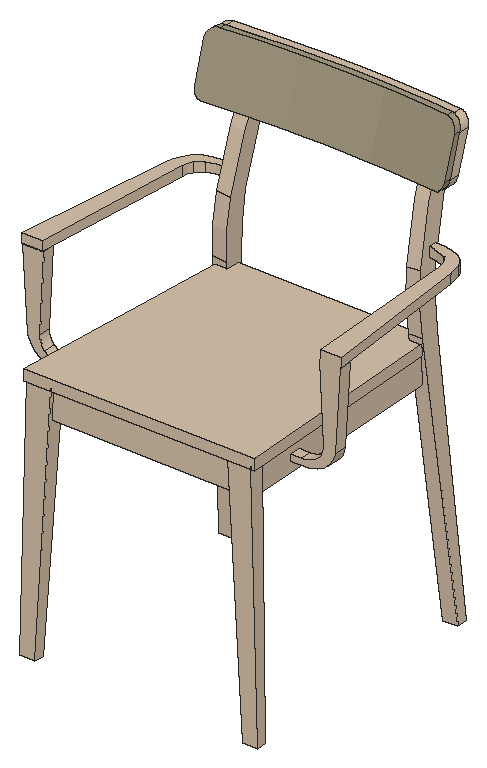
Revit family "FU_Chair_Sandler_Inga 2-4", category Furniture, Revit 2020
Family settings
  OmniClass Number = 23.40.20.00
  OmniClass Title = General Furniture and Specialties
  Work Plane-Based = No
  Always vertical = Yes
  Cut with Voids When Loaded = No
  Shared = No
  Room Calculation Point = No
Parameters (values of type "Inga 2.4")
  Width = 465 mm
  URL = "https://www.sandlerseating.com/product/inga-2-4/"
  Model = "Inga 2.4"
  Manufacturer = "Sandler"
  Height = 850 mm
  Frame [instance] = Wood - Stain - Natural Oak
  Description = "Stackable armchair with an wooden seat and upholstered back on a solid beech frame."
  Depth = 505 mm
  Default Elevation = 0 mm
  Back [instance] = Fabric - Mainline Flax - Kensington MLF07
Reference planes
  plane 1 "Center (Front/Back)": y = 0
  plane 2: z = 0
  plane 3 "Center (Left/Right)": x = 0
  plane 4 "Right": x = -232.5
  plane 5 "Left": x = 232.5
  plane 6 "Back": y = 252.5
  plane 7 "Front": y = -252.5
  plane 8 "Height": z = 850
  plane 9 "Seat height": z = 480
  plane 10 "BR L Angle Front": through (-170.406, -1524, 798.107) normal (0.9986, 0, -0.0525)
  plane 11 "Frame Height": z = 464.829
  plane 12: x = -297.5
  plane 13: x = 297.5
  plane 14 "Arm Height": z = 634.249
  plane 15 "arm front": y = -152.936
Forms (mm)
  Extrusion 1, solid, material "Wood - Stain - Natural Oak" <- "Frame"
    sketch origin (-211.773, 0, 11.254) x (0.052501, 0, 0.998621) y (0, -1, 0)
      loop
        line (-11.17, -211.485) -> (-11.17, -231.113) -> (480.792, -196.712)
        arc (480.792, -196.712) -> (535.769, -194.943) -> (590.586, -199.497) r 478.313
        arc (590.586, -199.497) -> (681.592, -217.224) -> (770.268, -244.297) r 892.578
        arc (770.268, -244.297) -> (782.45, -242.471) -> (787.563, -231.264) r 12.917
        arc (787.563, -231.264) -> (691.299, -191.886) -> (590.509, -166.224) r 748.904
        arc (590.509, -166.224) -> (535.595, -160.79) -> (480.526, -164.305) r 340.245
        line (480.526, -164.305) -> (-11.17, -211.485)
    from -9.615 to 16.927
  Extrusion 2, solid, material "Wood - Stain - Natural Oak" <- "Frame"
    sketch origin (211.773, 0, 11.254) x (-0.052501, 0, 0.998621) y (0, 1, 0)
      loop
        line (-11.17, 211.485) -> (480.526, 164.305)
        arc (480.526, 164.305) -> (535.595, 160.79) -> (590.509, 166.224) r 340.245
        arc (590.509, 166.224) -> (691.299, 191.886) -> (787.563, 231.264) r 748.904
        arc (787.563, 231.264) -> (782.45, 242.471) -> (770.268, 244.297) r 12.917
        arc (770.268, 244.297) -> (681.592, 217.224) -> (590.586, 199.497) r 892.578
        arc (590.586, 199.497) -> (535.769, 194.943) -> (480.792, 196.712) r 478.313
        line (480.792, 196.712) -> (-11.17, 231.113) -> (-11.17, 211.485)
    from -9.615 to 16.927
  Blend 3, solid, material "Wood - Stain - Natural Oak" <- "Frame"
    base sketch origin (0, 0, 0) x (1, 0, 0) y (0, 1, 0)
      loop
        line (-222.143, -252.5) -> (-194.143, -252.5) -> (-192.581, -235) -> (-220.581, -235) -> (-222.143, -252.5)
    top sketch origin (0, 0, 0) x (1, 0, 0) y (0, 1, 0)
      loop
        line (-208.793, -252.5) -> (-165.202, -252.5) -> (-163.672, -225.762) -> (-207.263, -225.762) -> (-208.793, -252.5)
    from 0 to 464.829
  Blend 4, solid, material "Wood - Stain - Natural Oak" <- "Frame"
    base sketch origin (0, 0, 0) x (-1, 0, 0) y (0, -1, 0)
      loop
        line (-222.143, 252.5) -> (-220.581, 235) -> (-192.581, 235) -> (-194.143, 252.5) -> (-222.143, 252.5)
    top sketch origin (0, 0, 0) x (-1, 0, 0) y (0, -1, 0)
      loop
        line (-208.793, 252.5) -> (-207.263, 225.762) -> (-163.672, 225.762) -> (-165.202, 252.5) -> (-208.793, 252.5)
    from 0 to 464.829
  Extrusion 5, solid, material "Wood - Stain - Natural Oak" <- "Frame"
    sketch origin (0, 0, 464.829) x (-1, 0, 0) y (0, -1, 0)
      loop
        line (205.371, 246.484) -> (-205.371, 246.484) -> (-187.14, -189.895) -> (187.14, -189.895) -> (205.371, 246.484)
      loop
        line (-187.207, 232.22) -> (-170.168, -175.631) -> (170.168, -175.631) -> (187.207, 232.22) -> (-187.207, 232.22)
    from -56.316 to 0
  Sweep 6, solid, material "Wood - Stain - Natural Oak" <- "Frame"
    path origin (0, 0, 0) x (0, 1, 0) y (0, 0, 1)
      loop
        line (215.898, 721.402) -> (256.979, 850)
    profile "Pro_Inga_Back : Pro_Inga_Back" origin (0, 236.438, 785.701) x (0, -0.952575, 0.304305) y (1, 0, 0)
      loop
        arc (30.116, 241.175) -> (0, -0.038) -> (30.717, -241.175) r 971.366
        line (30.717, -241.175) -> (45.91, -241.175)
        arc (45.91, -241.175) -> (14.46, 0.005) -> (45.984, 241.175) r 939.367
        line (45.984, 241.175) -> (30.116, 241.175)
  Extrusion 7, void
    sketch origin (0, 0, 0) x (1, 0, 0) y (0, 0, 1)
      loop
        arc (210.726, 850.67) -> (-0.03, 841.01) -> (-210.837, 849.498) r 2452.694
        arc (-210.837, 849.498) -> (-226.041, 844.286) -> (-232.5, 829.568) r 20
        line (-232.5, 829.568) -> (-232.5, 759.709)
        arc (-232.5, 759.709) -> (-227.228, 746.178) -> (-214.191, 739.78) r 20
        arc (-214.191, 739.78) -> (0.083, 731.011) -> (214.303, 740.992) r 2452.694
        arc (214.303, 740.992) -> (227.266, 747.421) -> (232.5, 760.91) r 20
        line (232.5, 760.91) -> (232.5, 830.749)
        arc (232.5, 830.749) -> (226, 845.505) -> (210.726, 850.67) r 20
      loop
        line (-261.767, 883.137) -> (-261.767, 708.137) -> (258.233, 708.137) -> (258.233, 883.137) -> (-261.767, 883.137)
    from -262.214 to -161.753
  Extrusion 8, solid, material "Wood - Stain - Natural Oak" <- "Frame"
    sketch origin (0, 0, 634.249) x (-1, 0, 0) y (0, -1, 0)
      loop
        line (-258.681, 152.936) -> (-297.5, 152.936) -> (-265.625, -141.257)
        arc (-265.625, -141.257) -> (-263.246, -154.622) -> (-259.071, -167.539) r 99.55
        arc (-259.071, -167.539) -> (-250.025, -181.605) -> (-236.394, -191.295) r 44.127
        arc (-236.394, -191.295) -> (-213.584, -198.742) -> (-189.69, -200.946) r 107.561
        line (-189.69, -200.946) -> (-189.69, -185.85)
        arc (-189.69, -185.85) -> (-206.459, -183.339) -> (-222.442, -177.679) r 88.584
        arc (-222.442, -177.679) -> (-229.589, -172.891) -> (-234.947, -166.161) r 28.023
        arc (-234.947, -166.161) -> (-238.414, -156.757) -> (-240.003, -146.862) r 51.741
        line (-240.003, -146.862) -> (-258.681, 152.936)
    from -17 to 0
  Extrusion 9, solid, material "Wood - Stain - Natural Oak" <- "Frame"
    sketch origin (0, -152.936, 0) x (-1, 0, 0) y (0, 0, 1)
      loop
        line (-257.647, 617.249) -> (-296.362, 617.249) -> (-286.988, 471.434)
        arc (-286.988, 471.434) -> (-280.3, 453.798) -> (-266.83, 440.597) r 43.897
        arc (-266.83, 440.597) -> (-244.849, 431.096) -> (-221.038, 428.553) r 79.704
        line (-221.038, 428.553) -> (-194.967, 428.553) -> (-194.967, 440.864) -> (-221.579, 440.864)
        arc (-221.579, 440.864) -> (-239.316, 443.436) -> (-254.871, 452.338) r 47.974
        arc (-254.871, 452.338) -> (-262.677, 462.948) -> (-264.994, 475.914) r 29.042
        line (-264.994, 475.914) -> (-257.647, 617.249)
    from 0 to 21.041
  Extrusion 10, solid, material "Wood - Stain - Natural Oak" <- "Frame"
    sketch origin (0, 0, 634.249) x (1, 0, 0) y (0, 1, 0)
      loop
        line (-258.681, -152.936) -> (-240.003, 146.862)
        arc (-240.003, 146.862) -> (-238.414, 156.757) -> (-234.947, 166.161) r 51.741
        arc (-234.947, 166.161) -> (-229.589, 172.891) -> (-222.442, 177.679) r 28.023
        arc (-222.442, 177.679) -> (-206.459, 183.339) -> (-189.69, 185.85) r 88.584
        line (-189.69, 185.85) -> (-189.69, 200.946)
        arc (-189.69, 200.946) -> (-213.584, 198.742) -> (-236.394, 191.295) r 107.561
        arc (-236.394, 191.295) -> (-250.025, 181.605) -> (-259.071, 167.539) r 44.127
        arc (-259.071, 167.539) -> (-263.246, 154.622) -> (-265.625, 141.257) r 99.55
        line (-265.625, 141.257) -> (-297.5, -152.936) -> (-258.681, -152.936)
    from -17 to 0
  Extrusion 11, solid, material "Wood - Stain - Natural Oak" <- "Frame"
    sketch origin (0, -152.936, 0) x (1, 0, 0) y (0, 0, -1)
      loop
        line (-257.647, -617.249) -> (-264.994, -475.914)
        arc (-264.994, -475.914) -> (-262.677, -462.948) -> (-254.871, -452.338) r 29.042
        arc (-254.871, -452.338) -> (-239.316, -443.436) -> (-221.579, -440.864) r 47.974
        line (-221.579, -440.864) -> (-194.967, -440.864) -> (-194.967, -428.553) -> (-221.038, -428.553)
        arc (-221.038, -428.553) -> (-244.849, -431.096) -> (-266.83, -440.597) r 79.704
        arc (-266.83, -440.597) -> (-280.3, -453.798) -> (-286.988, -471.434) r 43.897
        line (-286.988, -471.434) -> (-296.362, -617.249) -> (-257.647, -617.249)
    from 0 to 21.041
  Extrusion 12, solid, material "Wood - Stain - Natural Oak" <- "Frame"
    sketch origin (0, 0, 480) x (-1, 0, 0) y (0, -1, 0)
      loop
        line (215, 252.5) -> (-215, 252.5) -> (-190, -189.895) -> (190, -189.895) -> (215, 252.5)
    from -20 to 0
Cuts and joins
  Extrusion 7 cuts Sweep 6
  joined: Extrusion 8, Extrusion 9
Dimensions and locks
  equal spacing: plane 4 "Right", plane 3 "Center (Left/Right)", plane 5 "Left"
  "Width": plane 4 "Right" to plane 5 "Left"
  equal spacing: plane 6 "Back", plane 1 "Center (Front/Back)", plane 7 "Front"
  "Depth": plane 6 "Back" to plane 7 "Front"
  "Height": plane 8 "Height" to level
  plane 9 "Seat height" to level = 480 mm
  equal spacing: plane 12, plane 3 "Center (Left/Right)", plane 13
  plane 12 to plane 13 = 595 mm
  plane 14 "Arm Height" to level = 634.249 mm
  aligned and locked: level to plane 2
  aligned and locked: plane 11 "Frame Height" to Extrusion 5
Automatic sketch dimensions
  Extrusion 1 sketch curve to plane 6 "Back" = 41.015 mm
  Extrusion 1 sketch curve to Extrusion 1 sketch curve = 467.74 mm
  Extrusion 1 sketch curve to Extrusion 1 sketch curve = 9.088 mm
  Extrusion 1 sketch curve to plane 6 "Back" = 88.195 mm
  Extrusion 1 sketch curve to Extrusion 1 sketch curve = 491.695 mm
  Extrusion 1 sketch curve to plane 6 "Back" = 55.788 mm
  Extrusion 1 sketch curve to Extrusion 1 sketch curve = 0.267 mm
  Extrusion 1 sketch curve to Extrusion 1 sketch curve = 67.07 mm
  Extrusion 1 sketch curve to Extrusion 1 sketch curve = 6.017 mm
  Extrusion 1 sketch curve to plane 6 "Back" = 20.345 mm
  Extrusion 1 sketch curve to Extrusion 1 sketch curve = 293.884 mm
  plane 6 "Back" to Extrusion 1 sketch curve = 248.484 mm
  Extrusion 1 sketch curve to Extrusion 1 sketch curve = 172.118 mm
  Extrusion 1 sketch curve to Extrusion 1 sketch curve = 229.952 mm
  Extrusion 1 sketch curve to Extrusion 1 sketch curve = 180.235 mm
  Extrusion 1 sketch curve to Extrusion 1 sketch curve = 19.628 mm
  Extrusion 1 sketch curve to Extrusion 1 sketch curve = 0 mm  (x3)
  Extrusion 2 sketch curve to plane 6 "Back" = 41.015 mm
  Extrusion 2 sketch curve to Extrusion 2 sketch curve = 467.74 mm
  Extrusion 2 sketch curve to Extrusion 2 sketch curve = 9.088 mm
  Extrusion 2 sketch curve to plane 6 "Back" = 88.195 mm
  Extrusion 2 sketch curve to Extrusion 2 sketch curve = 491.695 mm
  Extrusion 2 sketch curve to plane 6 "Back" = 55.788 mm
  Extrusion 2 sketch curve to Extrusion 2 sketch curve = 0.267 mm
  Extrusion 2 sketch curve to Extrusion 2 sketch curve = 67.07 mm
  Extrusion 2 sketch curve to Extrusion 2 sketch curve = 6.017 mm
  Extrusion 2 sketch curve to plane 6 "Back" = 20.345 mm
  Extrusion 2 sketch curve to Extrusion 2 sketch curve = 293.884 mm
  Extrusion 2 sketch curve to Extrusion 2 sketch curve = 19.628 mm
  plane 6 "Back" to Extrusion 2 sketch curve = 248.484 mm
  Extrusion 2 sketch curve to Extrusion 2 sketch curve = 172.118 mm
  Extrusion 2 sketch curve to Extrusion 2 sketch curve = 229.952 mm
  Extrusion 2 sketch curve to Extrusion 2 sketch curve = 180.235 mm
  Extrusion 2 sketch curve to Extrusion 2 sketch curve = 0 mm  (x3)
  Blend 3 sketch curve to plane 7 "Front" = 0 mm  (x2)
  Blend 3 sketch curve to plane 4 "Right" = 10.357 mm
  Blend 3 sketch curve to plane 4 "Right" = 11.919 mm
  Blend 3 sketch curve to Blend 3 sketch curve = 28 mm
  plane 7 "Front" to Blend 3 sketch curve = 17.5 mm
  Blend 3 sketch curve to Blend 3 sketch curve = 1.563 mm
  Blend 3 sketch curve to plane 4 "Right" = 23.707 mm
  Blend 3 sketch curve to plane 4 "Right" = 25.237 mm
  Blend 3 sketch curve to Blend 3 sketch curve = 43.591 mm
  plane 7 "Front" to Blend 3 sketch curve = 26.738 mm
  Blend 3 sketch curve to Blend 3 sketch curve = 1.53 mm
  Blend 4 sketch curve to plane 7 "Front" = 0 mm  (x2)
  Blend 4 sketch curve to plane 5 "Left" = 10.357 mm
  Blend 4 sketch curve to plane 5 "Left" = 11.919 mm
  Blend 4 sketch curve to Blend 4 sketch curve = 28 mm
  Blend 4 sketch curve to plane 7 "Front" = 17.5 mm
  Blend 4 sketch curve to Blend 4 sketch curve = 1.563 mm
  Blend 4 sketch curve to plane 5 "Left" = 23.707 mm
  Blend 4 sketch curve to plane 5 "Left" = 25.237 mm
  Blend 4 sketch curve to Blend 4 sketch curve = 43.591 mm
  Blend 4 sketch curve to plane 7 "Front" = 26.738 mm
  Blend 4 sketch curve to Blend 4 sketch curve = 1.53 mm
  plane 7 "Front" to Extrusion 5 sketch curve = 6.016 mm
  plane 5 "Left" to Extrusion 5 sketch curve = 27.129 mm
  plane 7 "Front" to Extrusion 5 sketch curve = 20.28 mm
  Extrusion 5 sketch curve to Extrusion 5 sketch curve = 18.164 mm  (x2)
  plane 5 "Left" to Extrusion 5 sketch curve = 45.36 mm
  Extrusion 5 sketch curve to Extrusion 5 sketch curve = 16.972 mm  (x2)
  Extrusion 5 sketch curve to plane 4 "Right" = 62.332 mm
  Extrusion 5 sketch curve to plane 4 "Right" = 45.293 mm
  Extrusion 5 sketch curve to plane 6 "Back" = 76.869 mm
  Extrusion 5 sketch curve to Extrusion 5 sketch curve = 14.264 mm
  Sweep 6 sketch curve to plane 8 "Height" = 0 mm
  Sweep 6 sketch curve to plane 6 "Back" = 36.602 mm
  plane 6 "Back" to Sweep 6 sketch curve = 4.479 mm
  plane 14 "Arm Height" to Sweep 6 sketch curve = 87.154 mm
  plane 4 "Right" to Extrusion 7 sketch curve = 0 mm
  plane 5 "Left" to Extrusion 7 sketch curve = 0 mm
  plane 4 "Right" to Extrusion 7 sketch curve = 29.267 mm
  Extrusion 7 sketch curve to plane 4 "Right" = 20 mm  (x2)
  Extrusion 7 sketch curve to plane 3 "Center (Left/Right)" = 6.849 mm  (x2)
  Extrusion 7 sketch curve to Extrusion 7 sketch curve = 20 mm  (x2)
  Extrusion 7 sketch curve to plane 5 "Left" = 25.733 mm
  plane 14 "Arm Height" to Extrusion 7 sketch curve = 73.888 mm
  Extrusion 7 sketch curve to Extrusion 7 sketch curve = 51.572 mm
  Extrusion 7 sketch curve to Extrusion 7 sketch curve = 52.773 mm
  Extrusion 7 sketch curve to plane 8 "Height" = 20.432 mm
  Extrusion 7 sketch curve to plane 8 "Height" = 19.251 mm
  plane 8 "Height" to Extrusion 7 sketch curve = 33.137 mm
  Extrusion 7 sketch curve to Extrusion 7 sketch curve = 2300.558 mm
  Extrusion 7 sketch curve to Extrusion 7 sketch curve = 110 mm
  Extrusion 7 sketch curve to Extrusion 7 sketch curve = 0 mm  (x2)
  Extrusion 8 sketch curve to plane 13 = 0 mm
  Extrusion 8 sketch curve to plane 15 "arm front" = 0 mm
  plane 13 to Extrusion 8 sketch curve = 31.875 mm
  Extrusion 8 sketch curve to plane 5 "Left" = 26.181 mm
  Extrusion 8 sketch curve to plane 5 "Left" = 7.503 mm
  plane 5 "Left" to Extrusion 8 sketch curve = 14.394 mm
  Extrusion 8 sketch curve to Extrusion 8 sketch curve = 7.503 mm
  plane 5 "Left" to Extrusion 8 sketch curve = 40.684 mm
  plane 5 "Left" to Extrusion 8 sketch curve = 42.81 mm
  Extrusion 8 sketch curve to Extrusion 8 sketch curve = 22.241 mm
  Extrusion 8 sketch curve to Extrusion 8 sketch curve = 6.8 mm
  Extrusion 8 sketch curve to Extrusion 8 sketch curve = 21.708 mm
  Extrusion 8 sketch curve to plane 1 "Center (Front/Back)" = 93.406 mm
  Extrusion 8 sketch curve to Extrusion 8 sketch curve = 3.983 mm
  Extrusion 8 sketch curve to Extrusion 8 sketch curve = 33.145 mm
  Extrusion 8 sketch curve to Extrusion 8 sketch curve = 47.851 mm
  Extrusion 8 sketch curve to Extrusion 8 sketch curve = 13.11 mm
  Extrusion 8 sketch curve to Extrusion 8 sketch curve = 5.604 mm
  Extrusion 8 sketch curve to Extrusion 8 sketch curve = 4.275 mm
  Extrusion 8 sketch curve to Extrusion 8 sketch curve = 1.143 mm
  Extrusion 8 sketch curve to Extrusion 8 sketch curve = 33.571 mm
  Extrusion 8 sketch curve to Extrusion 8 sketch curve = 15.096 mm
  Extrusion 8 sketch curve to Extrusion 8 sketch curve = 0 mm
  Extrusion 8 sketch curve to plane 5 "Left" = 2.447 mm
  plane 13 to Extrusion 9 sketch curve = 1.138 mm
  plane 13 to Extrusion 9 sketch curve = 10.512 mm
  Extrusion 9 sketch curve to plane 9 "Seat height" = 4.086 mm
  Extrusion 9 sketch curve to Extrusion 9 sketch curve = 21.994 mm
  Extrusion 9 sketch curve to plane 5 "Left" = 25.147 mm
  Extrusion 9 sketch curve to plane 9 "Seat height" = 2.183 mm
  Extrusion 9 sketch curve to plane 5 "Left" = 11.058 mm
  Extrusion 9 sketch curve to plane 5 "Left" = 3.491 mm
  plane 5 "Left" to Extrusion 9 sketch curve = 7.925 mm
  plane 5 "Left" to Extrusion 9 sketch curve = 8.816 mm
  plane 5 "Left" to Extrusion 9 sketch curve = 10.921 mm
  plane 5 "Left" to Extrusion 9 sketch curve = 11.462 mm
  Extrusion 9 sketch curve to Extrusion 9 sketch curve = 26.071 mm
  Extrusion 9 sketch curve to plane 9 "Seat height" = 5.594 mm
  plane 11 "Frame Height" to Extrusion 9 sketch curve = 6.605 mm
  Extrusion 9 sketch curve to plane 11 "Frame Height" = 23.965 mm
  Extrusion 9 sketch curve to Extrusion 9 sketch curve = 12.311 mm
  plane 9 "Seat height" to Extrusion 9 sketch curve = 8.792 mm
  Extrusion 9 sketch curve to Extrusion 9 sketch curve = 19.386 mm
  Extrusion 9 sketch curve to plane 14 "Arm Height" = 17 mm
  Extrusion 10 sketch curve to plane 12 = 0 mm
  Extrusion 10 sketch curve to plane 15 "arm front" = 0 mm
  Extrusion 10 sketch curve to plane 12 = 31.875 mm
  Extrusion 10 sketch curve to plane 4 "Right" = 26.181 mm
  Extrusion 10 sketch curve to plane 4 "Right" = 7.503 mm
  plane 4 "Right" to Extrusion 10 sketch curve = 14.394 mm
  Extrusion 10 sketch curve to Extrusion 10 sketch curve = 7.503 mm
  plane 4 "Right" to Extrusion 10 sketch curve = 40.684 mm
  plane 4 "Right" to Extrusion 10 sketch curve = 42.81 mm
  Extrusion 10 sketch curve to Extrusion 10 sketch curve = 22.241 mm
  Extrusion 10 sketch curve to Extrusion 10 sketch curve = 6.8 mm
  Extrusion 10 sketch curve to Extrusion 10 sketch curve = 21.708 mm
  plane 1 "Center (Front/Back)" to Extrusion 10 sketch curve = 93.406 mm
  Extrusion 10 sketch curve to Extrusion 10 sketch curve = 3.983 mm
  Extrusion 10 sketch curve to Extrusion 10 sketch curve = 33.145 mm
  Extrusion 10 sketch curve to Extrusion 10 sketch curve = 47.851 mm
  Extrusion 10 sketch curve to Extrusion 10 sketch curve = 13.11 mm
  Extrusion 10 sketch curve to Extrusion 10 sketch curve = 5.604 mm
  Extrusion 10 sketch curve to Extrusion 10 sketch curve = 4.275 mm
  Extrusion 10 sketch curve to Extrusion 10 sketch curve = 1.143 mm
  Extrusion 10 sketch curve to Extrusion 10 sketch curve = 33.571 mm
  Extrusion 10 sketch curve to Extrusion 10 sketch curve = 15.096 mm
  Extrusion 10 sketch curve to Extrusion 10 sketch curve = 0 mm
  Extrusion 10 sketch curve to plane 4 "Right" = 2.447 mm
  Extrusion 11 sketch curve to plane 12 = 1.138 mm
  Extrusion 11 sketch curve to plane 12 = 10.512 mm
  plane 9 "Seat height" to Extrusion 11 sketch curve = 4.086 mm
  Extrusion 11 sketch curve to Extrusion 11 sketch curve = 21.994 mm
  Extrusion 11 sketch curve to plane 4 "Right" = 25.147 mm
  plane 9 "Seat height" to Extrusion 11 sketch curve = 2.183 mm
  Extrusion 11 sketch curve to plane 4 "Right" = 11.058 mm
  Extrusion 11 sketch curve to plane 4 "Right" = 3.491 mm
  plane 4 "Right" to Extrusion 11 sketch curve = 7.925 mm
  plane 4 "Right" to Extrusion 11 sketch curve = 8.816 mm
  plane 4 "Right" to Extrusion 11 sketch curve = 10.921 mm
  plane 4 "Right" to Extrusion 11 sketch curve = 11.462 mm
  Extrusion 11 sketch curve to Extrusion 11 sketch curve = 26.071 mm
  plane 9 "Seat height" to Extrusion 11 sketch curve = 5.594 mm
  Extrusion 11 sketch curve to plane 11 "Frame Height" = 6.605 mm
  plane 11 "Frame Height" to Extrusion 11 sketch curve = 23.965 mm
  Extrusion 11 sketch curve to Extrusion 11 sketch curve = 12.311 mm
  Extrusion 11 sketch curve to plane 9 "Seat height" = 8.792 mm
  Extrusion 11 sketch curve to Extrusion 11 sketch curve = 19.386 mm
  plane 14 "Arm Height" to Extrusion 11 sketch curve = 17 mm
  Extrusion 12 sketch curve to plane 7 "Front" = 0 mm
  plane 5 "Left" to Extrusion 12 sketch curve = 17.5 mm
  plane 5 "Left" to Extrusion 12 sketch curve = 42.5 mm
  Extrusion 12 sketch curve to plane 4 "Right" = 42.5 mm
  Extrusion 12 sketch curve to plane 4 "Right" = 17.5 mm
  Extrusion 12 sketch curve to plane 6 "Back" = 62.605 mm
Nested families
  nested 1: "Inga_Uph-Back" at (0, 0, 0), Seat <- "Back", type "Inga Upholstered Back"
    with Seat Fabric - Mainline Flax - Kensington MLF07
Definition of nested family "Inga_Uph-Back"
  Parameters (values of type "Inga Upholstered Back")
    Width = 465 mm
    URL = ""
    Seat [instance] = none
    Model = ""
    Manufacturer = ""
    Height = 850 mm
    Description = ""
    Depth = 505 mm
    Default Elevation = 0 mm
  Reference planes
    plane 1 "Center (Front/Back)": y = 0
    plane 2: z = 0
    plane 3 "Center (Left/Right)": x = 0
    plane 4 "Right": x = -232.5
    plane 5 "Left": x = 232.5
    plane 6 "Back": y = 252.5
    plane 7 "Front": y = -252.5
    plane 8 "Height": z = 850
    plane 9 "Seat height": z = 480
    plane 10 "BR L Angle Front": through (-170.406, -1524, 798.107) normal (0.9986, 0, -0.0525)
    plane 11 "Frame Height": z = 464.829
  Forms (mm)
    Sweep 1, solid, material <- "Seat"
      path origin (0, 0, 0) x (0, 1, 0) y (0, 0, 1)
        loop
          line (215.898, 721.402) -> (256.979, 850)
      profile "Pro_Inga_Uph-Back : Pro_Inga_Uph-Back" origin (0, 236.438, 785.701) x (0, -0.952575, 0.304305) y (1, 0, 0)
        loop
          arc (45.116, 241.175) -> (15, -0.038) -> (45.717, -241.175) r 971.366
          line (45.717, -241.175) -> (56.451, -241.175)
          arc (56.451, -241.175) -> (25, 0.005) -> (56.524, 241.175) r 939.367
          line (56.524, 241.175) -> (45.116, 241.175)
    Extrusion 2, void
      sketch origin (-2.5, 0, 0) x (1, 0, 0) y (0, 0, 1)
        loop
          arc (210.726, 850.67) -> (-0.03, 841.01) -> (-210.837, 849.498) r 2452.694
          arc (-210.837, 849.498) -> (-226.041, 844.286) -> (-232.5, 829.568) r 20
          line (-232.5, 829.568) -> (-232.5, 759.709)
          arc (-232.5, 759.709) -> (-227.228, 746.178) -> (-214.191, 739.78) r 20
          arc (-214.191, 739.78) -> (0.083, 731.011) -> (214.303, 740.992) r 2452.694
          arc (214.303, 740.992) -> (227.266, 747.421) -> (232.5, 760.91) r 20
          line (232.5, 760.91) -> (232.5, 830.749)
          arc (232.5, 830.749) -> (226, 845.505) -> (210.726, 850.67) r 20
        loop
          line (-261.767, 883.137) -> (-261.767, 708.137) -> (258.233, 708.137) -> (258.233, 883.137) -> (-261.767, 883.137)
      from -262.214 to -161.753
  Cuts and joins
    Extrusion 2 cuts Sweep 1
  Dimensions and locks
    equal spacing: plane 4 "Right", plane 3 "Center (Left/Right)", plane 5 "Left"
    "Width": plane 4 "Right" to plane 5 "Left"
    equal spacing: plane 6 "Back", plane 1 "Center (Front/Back)", plane 7 "Front"
    "Depth": plane 6 "Back" to plane 7 "Front"
    "Height": plane 8 "Height" to level
    plane 9 "Seat height" to level = 480 mm
    aligned and locked: level to plane 2
  Automatic sketch dimensions
    Sweep 1 sketch curve to plane 8 "Height" = 0 mm
    Sweep 1 sketch curve to plane 6 "Back" = 36.602 mm
    plane 6 "Back" to Sweep 1 sketch curve = 4.479 mm
    Sweep 1 sketch curve to plane 8 "Height" = 128.598 mm
    plane 4 "Right" to Extrusion 2 sketch curve = 31.767 mm
    plane 4 "Right" to Extrusion 2 sketch curve = 2.5 mm
    Extrusion 2 sketch curve to plane 4 "Right" = 17.5 mm  (x2)
    Extrusion 2 sketch curve to plane 3 "Center (Left/Right)" = 9.349 mm  (x2)
    plane 5 "Left" to Extrusion 2 sketch curve = 22.5 mm  (x2)
    plane 5 "Left" to Extrusion 2 sketch curve = 2.5 mm
    Extrusion 2 sketch curve to plane 5 "Left" = 23.233 mm
    Extrusion 2 sketch curve to plane 8 "Height" = 141.863 mm
    Extrusion 2 sketch curve to Extrusion 2 sketch curve = 51.572 mm
    Extrusion 2 sketch curve to Extrusion 2 sketch curve = 52.773 mm
    Extrusion 2 sketch curve to plane 8 "Height" = 20.432 mm
    Extrusion 2 sketch curve to plane 8 "Height" = 19.251 mm
    plane 8 "Height" to Extrusion 2 sketch curve = 33.137 mm
    Extrusion 2 sketch curve to Extrusion 2 sketch curve = 2300.558 mm
    Extrusion 2 sketch curve to Extrusion 2 sketch curve = 110 mm
    Extrusion 2 sketch curve to Extrusion 2 sketch curve = 0 mm  (x2)
